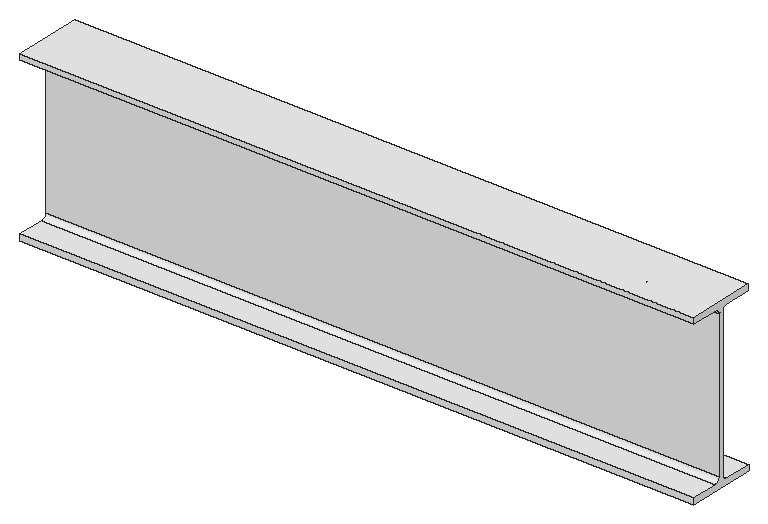
Revit family
Parameters (values of type "UB305x127x37")
  Start Extension Calculation [instance] = 3012.5 mm + Start Extension  # 3000 mm
  Start Extension [instance] = -12.5 mm
  End Extension Calculation [instance] = 3012.5 mm + End Extension  # 3000 mm
  End Extension [instance] = -12.5 mm
  Beam Material [instance] = Metal - Steel - 345 MPa
  Assembly Code = ""
  A = 0.005 m²
  Length [instance] = 1500 mm
  W = 0.36285
  bf = 123.5 mm
  d = 303.8 mm
  k = 19.6 mm
  kr = k - tf  # 8.9 mm
  tf = 10.7 mm
  tw = 7.2 mm
Reference planes
  plane 1 "Center (Front/Back)": y = 0
  plane 2: z = 0
  plane 3 "Center (Left/Right)": x = 4.61
  plane 4 "Member Left": x = -604.99
  plane 5 "Member Right": x = 614.21
  plane 6: y = 61.75
  plane 7: y = -61.75
  plane 8 "Top": z = 151.9
  plane 9: z = -151.9
  plane 10 "Left": x = -757.39
  plane 11 "Right": x = 742.61
  plane 12: x = -604.99
  plane 13: x = 614.21
  plane 14: x = 2395.01
  plane 15: x = -2385.79
Forms (mm)
  Sweep 1, solid, material "Metal - Steel - 345 MPa" <- "Beam Material", detail levels medium
    path origin (0, 0, 0) x (1, 0, 0) y (0, 1, 0)
      loop
        line (614.21, 0) -> (-604.99, 0)
    profile "M_W-Wide Flange-Profile-Medium : M_W-Wide Flange-Profile-Medium" origin (4.61, 0, 0) x (0, -1, 0) y (0, 0, 1)
      loop
        line (-61.75, -151.9) -> (61.75, -151.9) -> (61.75, -141.2) -> (3.6, -141.2) -> (3.6, 141.2) -> (61.75, 141.2) -> (61.75, 151.9) -> (-61.75, 151.9) -> (-61.75, 141.2) -> (-3.6, 141.2) -> (-3.6, -141.2) -> (-61.75, -141.2) -> (-61.75, -151.9)
  Sweep 2, solid, material "Metal - Steel - 345 MPa" <- "Beam Material", detail levels fine
    path origin (0, 0, 0) x (1, 0, 0) y (0, 1, 0)
      loop
        line (614.21, 0) -> (-604.99, 0)
    profile "M_W-Wide Flange-Profile-Fine : M_W-Wide Flange-Profile-Fine" origin (4.61, 0, 0) x (0, -1, 0) y (0, 0, 1)
      loop
        line (-61.75, -151.9) -> (61.75, -151.9) -> (61.75, -141.2) -> (12.5, -141.2)
        arc (12.5, -141.2) -> (6.207, -138.593) -> (3.6, -132.3) r 8.9
        line (3.6, -132.3) -> (3.6, 132.3)
        arc (3.6, 132.3) -> (6.207, 138.593) -> (12.5, 141.2) r 8.9
        line (12.5, 141.2) -> (61.75, 141.2) -> (61.75, 151.9) -> (-61.75, 151.9) -> (-61.75, 141.2) -> (-12.5, 141.2)
        arc (-12.5, 141.2) -> (-6.207, 138.593) -> (-3.6, 132.3) r 8.9
        line (-3.6, 132.3) -> (-3.6, -132.3)
        arc (-3.6, -132.3) -> (-6.207, -138.593) -> (-12.5, -141.2) r 8.9
        line (-12.5, -141.2) -> (-61.75, -141.2) -> (-61.75, -151.9)
Lines and regions (mm)
  symbolic lines, style "Hidden Faces", detail levels medium+fine
    curve 1: line (614.21, -3.6, 0) -> (-604.99, -3.6, 0)
    curve 2: line (614.21, 3.6, 0) -> (-604.99, 3.6, 0)
  symbolic lines, style "Stick Symbols", detail levels coarse
    curve 3: line (4.61, 61.75, 151.9) -> (4.61, -61.75, 151.9)
    curve 4: line (4.61, -61.75, -151.9) -> (4.61, 61.75, -151.9)
    curve 5: line (4.61, 0, 151.9) -> (4.61, 0, -151.9)
Dimensions and locks
  "bf": plane 6 to plane 7
  "d": plane 9 to plane 8 "Top"
  equal spacing: plane 9, plane 2, plane 8 "Top"
  equal spacing: plane 6, plane 1 "Center (Front/Back)", plane 7
  "Length": plane 10 "Left" to plane 11 "Right"
  "tw": curve 2 to curve 1
  equal spacing: curve 2, plane 1 "Center (Front/Back)", curve 1
  locked: plane 4 "Member Left" to plane 14 at 3000
  locked: plane 15 to plane 5 "Member Right" at 3000
  "End Extension Calculation": plane 15 to plane 13
  "Start Extension Calculation": plane 12 to plane 14
  aligned and locked: Sweep 1 sketch curve to plane 1 "Center (Front/Back)"
  aligned and locked: Sweep 2 sketch curve to plane 1 "Center (Front/Back)"
  aligned and locked: Sweep 2 to curve 3  (x2)
  aligned and locked: Sweep 2 to curve 4  (x2)
  aligned and locked: curve 3 to Sweep 2
  aligned and locked: curve 4 to Sweep 2
  aligned and locked: plane 12 to Sweep 2 sketch curve
  aligned and locked: plane 13 to Sweep 2 sketch curve
  aligned and locked: plane 12 to Sweep 1 sketch curve
  aligned and locked: plane 13 to Sweep 1 sketch curve
  aligned and locked: plane 12 to curve 2
  aligned and locked: plane 12 to curve 1
  aligned and locked: plane 13 to curve 2
  aligned and locked: plane 13 to curve 1
Automatic sketch dimensions
  curve 5 to plane 1 "Center (Front/Back)" = 0 mm
